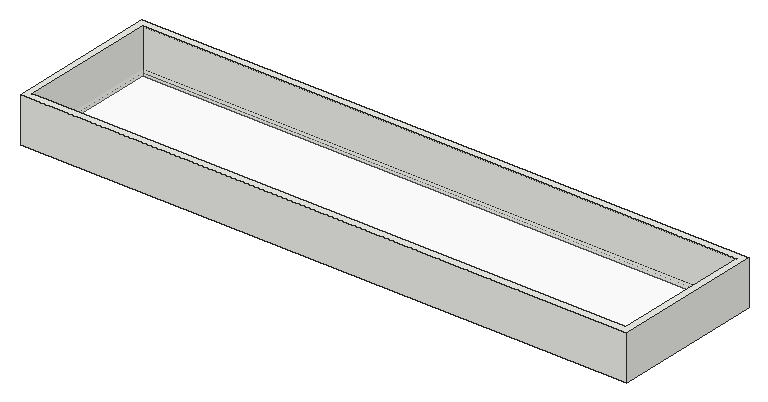
Revit family "M_Ceiling Light - Linear Box", category Lighting Fixtures, host Ceiling, Revit 2017
Family settings
  Host = Ceiling
  Round Connector Dimension = Use Diameter
  Part Type = Normal
  OmniClass Number = 23.80.70.11.11
  OmniClass Title = General Luminaries, Non Directional
  Always vertical = No
  Cut with Voids When Loaded = No
  Light Source = Yes
  Shared = No
  Room Calculation Point = No
Parameters (values of type "0300x1200mm(1 Lamp) - 120V")
  Wattage = 40 W
  built-in parameter 1150110 = 1 (stored number, unit not read)
  built-in parameter 1114217 = 0.88 (stored number, unit not read)
  built-in parameter 1150109 = 1 (stored number, unit not read)
  built-in parameter 1150134 = 8
  built-in parameter 1150113 = 1 (stored number, unit not read)
  built-in parameter 1150115 = 1 (stored number, unit not read)
  built-in parameter 1150105 = 1002.7 (stored number, unit not read)
  Load Classification = Lighting - Dwelling Unit
  Light Source Symbol Size = 609.6 mm
  built-in parameter 1150137 = 1
  built-in parameter 1150139 = (empty or 0)
  built-in parameter 1150112 = 1 (stored number, unit not read)
  built-in parameter 1150114 = 1 (stored number, unit not read)
  built-in parameter 1150132 = (empty or 0)
  built-in parameter 1150102 = (empty or 0)
  built-in parameter 1150138 = (empty or 0)
  built-in parameter 1150107 = 4230 (stored number, unit not read)
  built-in parameter 1150106 = 10.027 (stored number, unit not read)
  Emit from Rectangle Width = Box Width - 26 mm  # 274 mm
  Emit from Rectangle Length = Box Length - 26 mm  # 1174 mm
  Emit Shape Visible in Rendering = no
  built-in parameter 1150104 = 7.3161 (stored number, unit not read)
  Dimming Lamp Color Temperature Shift = <None>
  Color Filter = 16777215
  Ballast Voltage = 120 V
  Ballast Number of Poles = 1
  built-in parameter 1114218 = 0.88 (stored number, unit not read)
  built-in parameter 1150133 = 10 (stored number, unit not read)
  Assembly Code = "D5020210"
  Diffuser Material = Glass, White, High Luminance
  Lamp = "T-12"
  Box Length = 1200 mm
  Light Box Material = Steel, Paint Finish, Ivory, Glossy
  Lumens = 3150 lm
  Box Width = 300 mm
  Apparent Load = 40 VA
Types (8, lengths in mm): name | Wattage | built-in parameter 1150105 | built-in parameter 1150106 | Emit from Rectangle Width | Emit from Rectangle Length | built-in parameter 1150104 | Ballast Voltage | Box Length | Lumens | Box Width | Apparent Load
  0300x1200mm(1 Lamp) - 120V | 40 W | 1002.7 (stored number, unit not read) | 10.027 (stored number, unit not read) | 274 | 1174 | 7.3161 (stored number, unit not read) | 120 V | 1200 | 3150 lm | 300 | 40 VA
  0300x1200mm(1 Lamp) - 277V | 40 W | 1002.7 (stored number, unit not read) | 10.027 (stored number, unit not read) | 274 | 1174 | 7.3161 (stored number, unit not read) | 277 V | 1200 | 3150 lm | 300 | 40 VA
  0300x1200mm(2 Lamp) - 120V | 80 W | 2005.4 (stored number, unit not read) | 20.054 (stored number, unit not read) | 274 | 1174 | 7.3161 (stored number, unit not read) | 120 V | 1200 | 6300 lm | 300 | 80 VA
  0300x1200mm(2 Lamp) - 277V | 80 W | 2005.4 (stored number, unit not read) | 20.054 (stored number, unit not read) | 274 | 1174 | 7.3161 (stored number, unit not read) | 120 V | 1200 | 6300 lm | 300 | 80 VA
  0600x0600mm(2 Lamp) - 120V | 40 W | 827.61 (stored number, unit not read) | 8.2761 (stored number, unit not read) | 574 | 574 | 6.0387 (stored number, unit not read) | 120 V | 600 | 2600 lm | 600 | 40 VA
  0600x0600mm(2 Lamp) - 277V | 40 W | 827.61 (stored number, unit not read) | 8.2761 (stored number, unit not read) | 574 | 574 | 6.0387 (stored number, unit not read) | 120 V | 600 | 2600 lm | 600 | 40 VA
  0600x1200mm(2 Lamp) - 120V | 80 W | 1655.2 (stored number, unit not read) | 16.552 (stored number, unit not read) | 574 | 1174 | 6.0387 (stored number, unit not read) | 120 V | 1200 | 5200 lm | 600 | 80 VA
  0600x1200mm(2 Lamp) - 277V | 80 W | 1655.2 (stored number, unit not read) | 16.552 (stored number, unit not read) | 574 | 1174 | 6.0387 (stored number, unit not read) | 277 V | 1200 | 5200 lm | 600 | 80 VA
Reference planes
  plane 1 "Light Source Axis": y = 0
  plane 2 "Ceiling": z = 2438.4
  plane 3 "Light Source Axis": x = 0
  plane 4 "Light Source Elevation": z = 2387.6
  plane 5: x = -600
  plane 6: x = 600
  plane 7: y = 150
  plane 8: y = -150
  plane 9: z = 2349.5
  plane 10: z = 2355.85
  plane 11: z = 2362.2
Forms (mm)
  Extrusion 1, solid, material "Steel, Paint Finish, Ivory, Glossy" <- "Light Box Material"
    sketch origin (0, 0, 2438.4) x (1, 0, 0) y (0, 1, 0)
      loop
        line (-600, 150) -> (-600, -150) -> (600, -150) -> (600, 150) -> (-600, 150)
      loop
        line (-587.3, 137.3) -> (-587.3, -137.3) -> (587.3, -137.3) -> (587.3, 137.3) -> (-587.3, 137.3)
    from 0 to -88.9
  Extrusion 2, solid, material "Glass, White, High Luminance" <- "Diffuser Material"
    sketch origin (0, 0, 2438.4) x (1, 0, 0) y (0, 1, 0)
      loop
        line (-587.3, 137.3) -> (-587.3, -137.3) -> (587.3, -137.3) -> (587.3, 137.3) -> (-587.3, 137.3)
    from -82.55 to -76.2
Lines and regions (mm)
  symbolic lines
    curve 1: line (-600, 150, 2438.4) -> (600, 150, 2438.4)
    curve 2: line (-600, -150, 2438.4) -> (-600, 150, 2438.4)
    curve 3: line (600, -150, 2438.4) -> (-600, -150, 2438.4)
    curve 4: line (600, 150, 2438.4) -> (600, -150, 2438.4)
Dimensions and locks
  equal spacing: host sketch curve, plane 3 "Light Source Axis", host sketch curve
  equal spacing: host sketch curve, plane 1 "Light Source Axis", host sketch curve
  host sketch curve to host sketch curve = 3048 mm  (x2)
  "Box Length": plane 5 to plane 6
  equal spacing: plane 8, plane 1 "Light Source Axis", plane 7
  "Box Width": plane 8 to plane 7
  equal spacing: plane 5, plane 3 "Light Source Axis", plane 6
  locked: plane 2 "Ceiling" to plane 9 at 88.9
  plane 11 to plane 10 to plane 9 = 6.35 mm locked, 6.35 mm locked
  aligned and locked: plane 2 "Ceiling" to Extrusion 1
  aligned and locked: plane 10 to Extrusion 2
  aligned and locked: Extrusion 2 to plane 11
  aligned and locked: plane 3 "Light Source Axis" to imposter light
  aligned and locked: plane 1 "Light Source Axis" to imposter light
  aligned and locked: plane 4 "Light Source Elevation" to imposter light
Automatic sketch dimensions
  Extrusion 1 sketch curve to plane 5 = 0 mm
  Extrusion 1 sketch curve to plane 6 = 0 mm
  Extrusion 1 sketch curve to plane 8 = 0 mm
  Extrusion 1 sketch curve to plane 7 = 0 mm
  Extrusion 1 sketch curve to plane 5 = 12.7 mm
  plane 6 to Extrusion 1 sketch curve = 12.7 mm
  Extrusion 1 sketch curve to Extrusion 1 sketch curve = 12.7 mm  (x2)
  curve 2 to plane 5 = 0 mm
  curve 1 to plane 6 = 0 mm
  curve 4 to plane 8 = 0 mm
  curve 1 to plane 7 = 0 mm
  Extrusion 2 sketch curve to plane 5 = 12.7 mm
  plane 6 to Extrusion 2 sketch curve = 12.7 mm
  Extrusion 2 sketch curve to plane 8 = 12.7 mm
  plane 7 to Extrusion 2 sketch curve = 12.7 mm
Connectors
  electrical at (0, 0, 2355.85), driven by "Apparent Load", driven by "Ballast Voltage", driven by "Ballast Number of Poles", driven by "Load Classification"
    settings: on Extrusion 2, index 1, voltage 120 V, apparent load 0 VA, apparent load phase1 40 VA, apparent load phase2 0 VA, apparent load phase3 0 VA, power factor 0.95, load classification "Lighting - Dwelling Unit", number of poles 1, system type 31, power factor state 1, is connector primary yes, connector utility no, sub classification motor no, connector description ""
